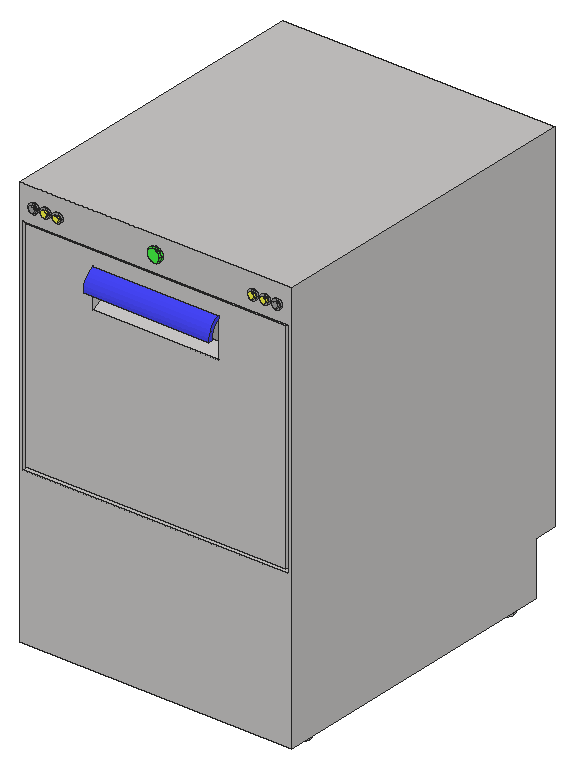
Revit family "QF_ElectroluxProfessional_402288_ES", category Specialty Equipment, Revit 2018
Family settings
  Round Connector Dimension = Use Diameter
  Part Type = Normal
  Work Plane-Based = No
  Always vertical = Yes
  Cut with Voids When Loaded = No
  Shared = No
  Room Calculation Point = No
Parameters (values of type "Standard")
  Weight = 36.50 kg
  Watts = 0 W
  Volts = 220 V
  URL Manufacturer = "http://professional.electrolux.com"
  URL = "http://professional.electrolux.com"
  Steam Supply Size = 0 mm
  Steam Supply Minimum Pressure = 0.0 Pa
  Steam Supply Maximum Pressure = 0.0 Pa
  Steam Pounds per Hour = 0
  Show Logo [instance] = yes
  Show Clearance [instance] = yes
  Refrigeration Suction Line Size = 0 mm
  Refrigeration Liquid Line Size = 0 mm
  Refrigerant Compressor Remote = yes
  Manufacturer = "Electrolux Professional"
  Phase = 1
  Model = "ES"
  Length Actual = 455 mm  # constant formula
  Item Number = "402288"
  Hot Water Size = 0 mm
  Height Actual = 700 mm  # constant formula
  HP = "3.6 HP"
  Gas Size = 0 mm
  Gas KW = 0
  Gas Input Pressure = 0 W
  Direct Waste Size = 29 mm
  Description = "GLASSWASHER(S), SINGLE SKIN, 30B/H"
  Depth Actual = 550 mm  # constant formula
  Cycle = 50 Hz
  Condensate Return Size = 0 mm
  Compressed Air Volume = 0.0 L/s
  Compressed Air Size = 0 mm
  Compressed Air Pressure = 0.0 Pa
  Cold Water Size = 19.05 mm
  Accessory = yes
Types (2, lengths in mm): name | URL | Manufacturer | Phase | Model | Description | Cold Water Size
  (no name) | "http://professional.electrolux.com/" | 0 | 0 | 0 | 0 | 0
  Standard | "http://professional.electrolux.com" | "Electrolux Professional" | 1 | "ES" | "GLASSWASHER(S), SINGLE SKIN, 30B/H" | 19.05
Values of the unnamed type that differ from the named types
  Volts = 0 V
  URL Manufacturer = ""
  Item Number = ""
  Cycle = 0 Hz
Reference planes
  plane 1 "Center (Front/Back)": y = 0
  plane 2: z = 0
  plane 3 "Center (Left/Right)": x = 0
  plane 4 "LEFT": x = -227.5
  plane 5 "RIGHT": x = 227.5
  plane 6 "FRONT": y = -275
  plane 7 "BACK": y = 275
  plane 8: z = 700
  plane 9: z = 10
  plane 10: y = 236
Forms (mm)
  Extrusion 1, solid, material "QF_Finishes_Stainless Steel"
    sketch origin (0, 0, 0) x (1, 0, 0) y (0, 1, 0)
      loop
        line (-227.5, -275) -> (227.5, -275) -> (227.5, 236) -> (-227.5, 236) -> (-227.5, -275)
    from 10 to 700
  Extrusion 2, solid, material "QF_Finishes_Stainless Steel"
    sketch origin (0, 0, 0) x (1, 0, 0) y (0, 1, 0)
      loop
        line (-227.5, 236) -> (227.5, 236) -> (227.5, 275) -> (-227.5, 275) -> (-227.5, 236)
    from 100 to 700
  Extrusion 3, solid, material "QF_Finishes_Stainless Steel"
    sketch origin (0, 0, 0) x (1, 0, 0) y (0, 1, 0)
      loop
        circle (-208, 198) r 12.5
      loop
        circle (208, 198) r 12.5
      loop
        circle (-208, -228) r 12.5
      loop
        circle (208, -228) r 12.5
    from 0 to 10
  Extrusion 4, void
    sketch origin (-227.5, -275, 0) x (-1, 0, 0) y (0, 0, 1)
      loop
        line (-5, 643.217) -> (-450, 643.217) -> (-450, 270) -> (-5, 270) -> (-5, 643.217)
    from 0 to 30
  Extrusion 5, solid, material "QF_Finishes_Stainless Steel"
    sketch origin (-212, -392, 752) x (0, 0, -1) y (1, 0, 0)
      loop
        circle (693, 215.5) r 10
    from -628 to -667
  Extrusion 6, solid, material "QF_Door-Drawer Clearances", visible <- "Show Clearance", detail levels coarse
    sketch origin (-230, -282.5, 0) x (0, 1, 0) y (0, 0, -1)
      loop
        line (7.5, -275) -> (-335.5, -275)
        arc (-335.5, -275) -> (-241.325, -530.164) -> (7.5, -640) r 348.592
        line (7.5, -640) -> (7.5, -275)
    from -11.656 to -447.5
  Extrusion 7, solid, material "QF_Finishes_Stainless Steel"
    sketch origin (-432.481, -392, 722) x (0, 0, -1) y (1, 0, 0)
      loop
        circle (663, 324.981) r 8
    from -628 to -667
  Extrusion 8, solid, material "QF_Finishes_Stainless Steel"
    sketch origin (-230, -282.5, 0) x (0, 1, 0) y (0, 0, -1)
      loop
        line (7.5, -275) -> (7.5, -640) -> (32.5, -640) -> (32.5, -275) -> (7.5, -275)
    from -11.656 to -447.5
  Extrusion 9, solid, material "QF_Finishes_Stainless Steel"
    sketch origin (-268, -392, 682.5) x (0, 0, -1) y (1, 0, 0)
      loop
        circle (663, 230.5) r 8
    from -628 to -667
  Extrusion 10, solid, material "QF_Finishes_Green"
    sketch origin (-230, -275, 0) x (1, 0, 0) y (0, 0, 1)
      loop
        circle (230, 670.819) r 12
      loop
        circle (230, 670.819) r 10
    from 0 to 2.5
  Extrusion 11, void
    sketch origin (-225.452, 209.5, 42.5) x (0, 1, 0) y (0, 0, 1)
      loop
        line (-484.5, 568.217) -> (-484.5, 507.5) -> (-462.849, 520) -> (-484.5, 568.217)
    from 120.452 to 330.452
  Extrusion 12, solid, material "QF_Finishes_Blue"
    sketch origin (-227.5, 236, 0) x (0, -1, 0) y (0, 0, 1)
      loop
        line (511, 615.863) -> (511, 610.513)
        arc (511, 610.513) -> (522.966, 599.801) -> (525.861, 584.005) r 24.803
        line (525.861, 584.005) -> (530.907, 584.005)
        arc (530.907, 584.005) -> (526.605, 603.465) -> (511, 615.863) r 29.803
    from -332.5 to -122.5
  Extrusion 13, solid, material "QF_Finishes_Green"
    sketch origin (234, -275, -28.75) x (-1, 0, 0) y (0, 0, -1)
      loop
        circle (234, -699.569) r 10
    from 0 to 5
  Extrusion 14, solid, material "QF_Finishes_Gray"
    sketch origin (103.327, -275, -30.575) x (-1, 0, 0) y (0, 0, -1)
      loop
        circle (306.936, -698.972) r 5
    from 0 to 5
  Extrusion 15, solid, material "QF_Finishes_Gray"
    sketch origin (79.327, -275, -34.95) x (-1, 0, 0) y (0, 0, -1)
      loop
        circle (262.936, -703.347) r 8
      loop
        circle (262.936, -703.347) r 5
      loop
        circle (242.936, -703.347) r 8
      loop
        circle (242.936, -703.347) r 5
      loop
        circle (282.936, -703.347) r 8
      loop
        circle (282.936, -703.347) r 5
    from 0 to 2.5
  Extrusion 16, solid, material "QF_Finishes_Yellow"
    sketch origin (123.327, -275, -30.575) x (-1, 0, 0) y (0, 0, -1)
      loop
        circle (306.936, -698.972) r 5
    from 0 to 5
  Extrusion 17, solid, material "QF_Finishes_Yellow"
    sketch origin (143.327, -275, -30.575) x (-1, 0, 0) y (0, 0, -1)
      loop
        circle (306.936, -698.972) r 5
    from 0 to 5
  Extrusion 18, solid, material "QF_Finishes_Gray"
    sketch origin (-103.327, -275, -30.575) x (1, 0, 0) y (0, 0, 1)
      loop
        circle (306.936, 698.972) r 5
    from 0 to 5
  Extrusion 19, solid, material "QF_Finishes_Gray"
    sketch origin (-79.327, -275, -34.95) x (1, 0, 0) y (0, 0, 1)
      loop
        circle (262.936, 703.347) r 8
      loop
        circle (262.936, 703.347) r 5
      loop
        circle (242.936, 703.347) r 8
      loop
        circle (242.936, 703.347) r 5
      loop
        circle (282.936, 703.347) r 8
      loop
        circle (282.936, 703.347) r 5
    from 0 to 2.5
  Extrusion 20, solid, material "QF_Finishes_Yellow"
    sketch origin (-123.327, -275, -30.575) x (1, 0, 0) y (0, 0, 1)
      loop
        circle (306.936, 698.972) r 5
    from 0 to 5
  Extrusion 21, solid, material "QF_Finishes_Yellow"
    sketch origin (-143.327, -275, -30.575) x (1, 0, 0) y (0, 0, 1)
      loop
        circle (306.936, 698.972) r 5
    from 0 to 5
  Extrusion 22, solid, material "QF_Finishes_Yellow"
    sketch origin (-143.327, -275, -30.575) x (1, 0, 0) y (0, 0, 1)
      loop
        circle (306.936, 698.972) r 5
    from 0 to 5
Cuts and joins
  Extrusion 4 cuts Extrusion 1
  joined: Extrusion 1, Extrusion 2
  Extrusion 11 cuts Extrusion 8
Lines and regions (mm)
  Split face 1
    outline origin (-227.5, -275, 700) x (0, 0, -1) y (1, 0, 0)
      loop
        line (56.783, 5) -> (56.783, 0)
      loop
        line (56.783, 450) -> (56.783, 455)
      loop
        line (22.034, 455) -> (22.034, 384.297)
        arc (22.034, 384.297) -> (22.64, 381.25) -> (24.366, 378.667) r 7.962
        line (24.366, 378.667) -> (44.289, 358.744)
        arc (44.289, 358.744) -> (46.135, 355.982) -> (46.783, 352.723) r 8.515
        line (46.783, 352.723) -> (46.783, 246.977)
        arc (46.783, 246.977) -> (46.096, 245.319) -> (44.439, 244.633) r 2.344
        line (44.439, 244.633) -> (15.017, 244.633)
        arc (15.017, 244.633) -> (12.73, 243.685) -> (11.783, 241.398) r 3.234
        line (11.783, 241.398) -> (11.783, 227.133) -> (11.783, 212.867)
        arc (11.783, 212.867) -> (12.73, 210.58) -> (15.017, 209.633) r 3.234
        line (15.017, 209.633) -> (44.439, 209.633)
        arc (44.439, 209.633) -> (46.096, 208.946) -> (46.783, 207.289) r 2.344
        line (46.783, 207.289) -> (46.783, 102.277)
        arc (46.783, 102.277) -> (46.135, 99.018) -> (44.289, 96.256) r 8.515
        line (44.289, 96.256) -> (24.366, 76.333)
        arc (24.366, 76.333) -> (22.64, 73.75) -> (22.034, 70.703) r 7.962
        line (22.034, 70.703) -> (22.034, 0)
  symbolic lines
    curve 1: line (-227.5, 275, 0) -> (227.5, 275, 0)
    curve 2: line (-227.5, -275, 0) -> (-227.5, 275, 0)
    curve 3: line (227.5, -275, 0) -> (-227.5, -275, 0)
    curve 4: line (227.5, 275, 0) -> (227.5, -275, 0)
    curve 8: line (-12, -277.5, 0) -> (12, -277.5, 0)
    curve 9: line (12, -277.5, 0) -> (12, -275, 0)
    curve 10: line (-12, -277.5, 0) -> (-12, -275, 0)
    curve 11: line (-10, -280, 0) -> (10, -280, 0)
    curve 12: line (10, -280, 0) -> (10, -277.5, 0)
    curve 13: line (-10, -280, 0) -> (-10, -277.5, 0)
    curve 16: line (-211.6, -277.5, 0) -> (-211.6, -275, 0)
    curve 17: line (-195.609, -277.5, 0) -> (-195.609, -275, 0)
    curve 18: line (-208.587, -280, 0) -> (-198.596, -280, 0)
    curve 19: line (-198.596, -280, 0) -> (-198.596, -277.5, 0)
    curve 20: line (-208.587, -280, 0) -> (-208.587, -277.5, 0)
    curve 21: line (-191.596, -277.5, 0) -> (-175.596, -277.5, 0)
    curve 22: line (-175.596, -277.5, 0) -> (-175.596, -275, 0)
    curve 23: line (-191.596, -277.5, 0) -> (-191.596, -275, 0)
    curve 24: line (-188.596, -280, 0) -> (-178.596, -280, 0)
    curve 25: line (-178.596, -280, 0) -> (-178.596, -277.5, 0)
    curve 26: line (-188.596, -280, 0) -> (-188.596, -277.5, 0)
    curve 27: line (-171.596, -277.5, 0) -> (-155.596, -277.5, 0)
    curve 28: line (-155.596, -277.5, 0) -> (-155.596, -275, 0)
    curve 29: line (-171.596, -277.5, 0) -> (-171.596, -275, 0)
    curve 30: line (-168.596, -280, 0) -> (-158.596, -280, 0)
    curve 31: line (-158.596, -280, 0) -> (-158.596, -277.5, 0)
    curve 32: line (-168.596, -280, 0) -> (-168.596, -277.5, 0)
    curve 33: line (175.609, -277.5, 0) -> (191.609, -277.5, 0)
    curve 34: line (191.609, -277.5, 0) -> (191.609, -275, 0)
    curve 35: line (178.609, -280, 0) -> (188.609, -280, 0)
    curve 36: line (188.609, -280, 0) -> (188.609, -277.5, 0)
    curve 37: line (178.609, -280, 0) -> (178.609, -277.5, 0)
    curve 38: line (175.609, -277.5, 0) -> (175.609, -275, 0)
    curve 39: line (195.609, -277.5, 0) -> (211.609, -277.5, 0)
    curve 40: line (211.609, -277.5, 0) -> (211.609, -275, 0)
    curve 41: line (198.609, -280, 0) -> (208.609, -280, 0)
    curve 42: line (208.609, -280, 0) -> (208.609, -277.5, 0)
    curve 43: line (198.609, -280, 0) -> (198.609, -277.5, 0)
    curve 44: line (195.609, -277.5, 0) -> (195.609, -275, 0)
    curve 45: line (-112.5, -275, 0) -> (-112.5, -295.134, 0)
    curve 46: line (112.5, -275, 0) -> (112.5, -295.134, 0)
    curve 47: line (112.5, -295.134, 0) -> (-112.5, -295.134, 0)
    curve 48: line (155.609, -277.5, 0) -> (171.609, -277.5, 0)
    curve 49: line (171.609, -277.5, 0) -> (171.609, -275, 0)
    curve 50: line (158.609, -280, 0) -> (168.609, -280, 0)
    curve 51: line (168.609, -280, 0) -> (168.609, -277.5, 0)
    curve 52: line (158.609, -280, 0) -> (158.609, -277.5, 0)
    curve 53: line (155.609, -277.5, 0) -> (155.609, -275, 0)
  symbolic lines, style "QF_Door-Drawer Clearances"
    curve 5: line (-217.5, -618, 0) -> (217.5, -618, 0)
    curve 6: line (217.5, -618, 0) -> (217.5, -275, 0)
    curve 7: line (-217.5, -618, 0) -> (-217.5, -275, 0)
  symbolic lines, style "SpecialityEquipmentHiddenLines"
    curve 14: line (-227.5, 236, 0) -> (227.5, 236, 0)
  symbolic lines, style "SpecialityEquipment"
    curve 15: line (-211.6, -277.5, 0) -> (-195.609, -277.5, 0)
Dimensions and locks
  equal spacing: plane 4 "LEFT", plane 3 "Center (Left/Right)", plane 5 "RIGHT"
  equal spacing: plane 7 "BACK", plane 1 "Center (Front/Back)", plane 6 "FRONT"
  plane 7 "BACK" to plane 6 "FRONT" = 550 mm
  plane 4 "LEFT" to plane 5 "RIGHT" = 455 mm
  locked: plane 9 to level at 10
  plane 4 "LEFT" to plane 3 "Center (Left/Right)" = 227.5 mm
  plane 8 to level = 700 mm  (x2)
  level to Extrusion 9 sketch curve = 19.5 mm
  Extrusion 9 sketch curve to plane 4 "LEFT" = 190 mm
  level to Extrusion 5 sketch curve = 59 mm
  Extrusion 5 sketch curve to plane 4 "LEFT" = 231 mm
  Extrusion 7 sketch curve to plane 4 "LEFT" = 120 mm
  level to Extrusion 7 sketch curve = 59 mm
  Extrusion 3 to cut or joined group of Extrusion 1, Extrusion 2, Extrusion 4 = 77 mm
  Extrusion 3 to Extrusion 3 = 426 mm
  plane 6 "FRONT" to Extrusion 3 = 47 mm
  plane 1 "Center (Front/Back)" to plane 6 "FRONT" = 275 mm
  locked: plane 7 "BACK" to plane 10 at 39
  plane 6 "FRONT" to curve 5 = 343 mm
  Extrusion 8 to cut or joined group of Extrusion 1, Extrusion 2, Extrusion 4 = 370 mm
  aligned and locked: level to plane 2
  aligned and locked: Extrusion 1 sketch curve to plane 6 "FRONT"
  aligned and locked: Extrusion 1 sketch curve to plane 4 "LEFT"
  aligned and locked: plane 5 "RIGHT" to Extrusion 1 sketch curve
  aligned and locked: Extrusion 1 to plane 9
  aligned and locked: Extrusion 2 sketch curve to Extrusion 1
  aligned and locked: plane 7 "BACK" to Extrusion 2 sketch curve
  aligned and locked: plane 5 "RIGHT" to Extrusion 2 sketch curve
  aligned and locked: plane 9 to Extrusion 3
  aligned and locked: cut or joined group of Extrusion 1, Extrusion 2, Extrusion 4 to plane 10
Automatic sketch dimensions
  curve 1 to plane 4 "LEFT" = 0 mm
  curve 7 to plane 6 "FRONT" = 0 mm
  curve 4 to plane 5 "RIGHT" = 0 mm
  curve 14 to plane 10 = 0 mm
  curve 2 to plane 7 "BACK" = 0 mm
  plane 4 "LEFT" to curve 5 = 10 mm
  curve 15 to plane 6 "FRONT" = 2.5 mm
  curve 7 to curve 15 = 5.9 mm
  curve 15 to curve 20 = 3.013 mm
  curve 18 to curve 19 = 9.991 mm
  curve 19 to curve 17 = 2.987 mm
  curve 15 to curve 23 = 4.013 mm
  curve 21 to curve 24 = 3 mm
  curve 25 to plane 6 "FRONT" = 5 mm
  curve 24 to curve 25 = 10 mm
  curve 25 to curve 22 = 3 mm
  curve 21 to curve 27 = 4 mm
  curve 27 to curve 30 = 3 mm
  curve 31 to plane 6 "FRONT" = 5 mm
  curve 30 to curve 31 = 10 mm
  curve 31 to curve 27 = 3 mm
  curve 45 to plane 6 "FRONT" = 20.134 mm
  curve 27 to curve 45 = 43.096 mm
  curve 8 to plane 6 "FRONT" = 2.5 mm
  curve 8 to plane 3 "Center (Left/Right)" = 12 mm
  curve 8 to curve 11 = 2 mm
  plane 3 "Center (Left/Right)" to curve 11 = 10 mm
  curve 12 to curve 8 = 2 mm
  curve 8 to curve 47 = 100.5 mm
  curve 53 to plane 6 "FRONT" = 2.5 mm
  curve 46 to curve 53 = 43.109 mm
  curve 48 to curve 52 = 3 mm
  curve 51 to plane 6 "FRONT" = 5 mm
  curve 50 to curve 51 = 10 mm
  curve 51 to curve 48 = 3 mm
  curve 48 to curve 38 = 4 mm
  curve 33 to curve 37 = 3 mm
  curve 35 to plane 6 "FRONT" = 5 mm
  curve 35 to curve 35 = 10 mm
  curve 36 to curve 34 = 3 mm
  curve 33 to curve 44 = 4 mm
  curve 39 to curve 41 = 3 mm
  curve 41 to plane 6 "FRONT" = 5 mm
  curve 41 to curve 41 = 10 mm
  curve 42 to curve 40 = 3 mm
  curve 6 to plane 5 "RIGHT" = 10 mm
  curve 11 to curve 13 = 2.5 mm
  curve 20 to curve 20 = 2.5 mm
  curve 21 to plane 6 "FRONT" = 2.5 mm
  curve 27 to plane 6 "FRONT" = 2.5 mm
  curve 44 to plane 6 "FRONT" = 2.5 mm
  curve 33 to plane 6 "FRONT" = 2.5 mm
  Extrusion 1 sketch curve to plane 10 = 0 mm
  Extrusion 2 sketch curve to plane 10 = 0 mm
  plane 4 "LEFT" to Extrusion 3 sketch curve = 19.5 mm  (x2)
  Extrusion 3 sketch curve to plane 5 "RIGHT" = 19.5 mm  (x2)
  plane 6 "FRONT" to Extrusion 3 sketch curve = 47 mm  (x2)
  Extrusion 3 sketch curve to plane 10 = 38 mm  (x2)
  Extrusion 4 sketch curve to Extrusion 1 = 5 mm  (x2)
  Extrusion 4 sketch curve to Extrusion 1 = 260 mm
  Extrusion 4 sketch curve to Extrusion 1 = 56.783 mm
  Extrusion 6 sketch curve to plane 6 "FRONT" = 0 mm
  Extrusion 6 sketch curve to plane 6 "FRONT" = 343 mm
  plane 6 "FRONT" to Extrusion 6 sketch curve = 5.204 mm
  Extrusion 6 sketch curve to plane 8 = 60 mm
  level to Extrusion 6 sketch curve = 291.447 mm
  Extrusion 8 sketch curve to plane 6 "FRONT" = 0 mm
  Extrusion 8 sketch curve to Extrusion 8 sketch curve = 25 mm
  Extrusion 8 sketch curve to plane 8 = 60 mm
  plane 9 to Extrusion 8 sketch curve = 265 mm
  Extrusion 10 sketch curve to Extrusion 10 sketch curve = 0 mm  (x2)
  Extrusion 1 to Extrusion 10 sketch curve = 29.181 mm
  Extrusion 1 to Extrusion 10 sketch curve = 227.5 mm
  Extrusion 11 sketch curve to plane 6 "FRONT" = 0 mm
  plane 6 "FRONT" to Extrusion 11 sketch curve = 21.651 mm
  Extrusion 11 sketch curve to plane 8 = 150 mm
  Extrusion 11 sketch curve to Extrusion 11 sketch curve = 12.5 mm
  Extrusion 11 sketch curve to Extrusion 11 sketch curve = 48.217 mm
  Extrusion 12 sketch curve to Extrusion 12 sketch curve = 0 mm  (x2)
  Extrusion 12 sketch curve to Extrusion 1 = 0 mm
  Extrusion 12 sketch curve to Extrusion 1 = 9.669 mm
  Extrusion 1 to Extrusion 12 sketch curve = 14.861 mm
  Extrusion 12 sketch curve to Extrusion 12 sketch curve = 5.046 mm
  Extrusion 1 to Extrusion 12 sketch curve = 115.995 mm
  Extrusion 12 sketch curve to Extrusion 12 sketch curve = 3.668 mm
  cut or joined group of Extrusion 1, Extrusion 2, Extrusion 4 to Split face 1 sketch curve = 0 mm  (x2)
  Split face 1 sketch curve to cut or joined group of Extrusion 1, Extrusion 2, Extrusion 4 = 0 mm  (x6)
  cut or joined group of Extrusion 1, Extrusion 2, Extrusion 4 to Split face 1 sketch curve = 10 mm  (x2)
  Split face 1 sketch curve to Split face 1 sketch curve = 2.344 mm  (x2)
  Split face 1 sketch curve to Split face 1 sketch curve = 2.494 mm  (x2)
  Split face 1 sketch curve to Split face 1 sketch curve = 8.515 mm  (x2)
  cut or joined group of Extrusion 1, Extrusion 2, Extrusion 4 to Split face 1 sketch curve = 26.786 mm  (x2)
  Split face 1 sketch curve to Split face 1 sketch curve = 5.63 mm  (x2)
  Split face 1 sketch curve to Split face 1 sketch curve = 2.332 mm  (x2)
  Split face 1 sketch curve to cut or joined group of Extrusion 1, Extrusion 2, Extrusion 4 = 15.017 mm  (x2)
  Split face 1 sketch curve to cut or joined group of Extrusion 1, Extrusion 2, Extrusion 4 = 11.783 mm
  Split face 1 sketch curve to cut or joined group of Extrusion 1, Extrusion 2, Extrusion 4 = 65.703 mm
  Split face 1 sketch curve to Split face 1 sketch curve = 19.923 mm  (x2)
  Split face 1 sketch curve to Split face 1 sketch curve = 105.012 mm
  Split face 1 sketch curve to Split face 1 sketch curve = 14.266 mm  (x2)
  Split face 1 sketch curve to cut or joined group of Extrusion 1, Extrusion 2, Extrusion 4 = 97.277 mm
  Extrusion 13 sketch curve to Extrusion 13 sketch curve = 0 mm  (x2)
  Extrusion 13 sketch curve to plane 3 "Center (Left/Right)" = 0 mm
  Extrusion 13 sketch curve to plane 8 = 29.181 mm
  plane 3 "Center (Left/Right)" to Extrusion 13 sketch curve = 10 mm
  Extrusion 14 sketch curve to Extrusion 14 sketch curve = 0 mm  (x2)
  plane 4 "LEFT" to Extrusion 14 sketch curve = 23.891 mm
  Extrusion 14 sketch curve to plane 8 = 31.603 mm
  Extrusion 14 sketch curve to Extrusion 14 sketch curve = 5 mm
  Extrusion 15 sketch curve to Extrusion 15 sketch curve = 0 mm  (x8)
  Extrusion 15 sketch curve to plane 8 = 31.603 mm
  plane 4 "LEFT" to Extrusion 15 sketch curve = 63.891 mm
  Extrusion 15 sketch curve to Extrusion 15 sketch curve = 20 mm  (x2)
  Extrusion 16 sketch curve to Extrusion 16 sketch curve = 0 mm  (x2)
  plane 4 "LEFT" to Extrusion 16 sketch curve = 43.891 mm
  Extrusion 16 sketch curve to plane 8 = 31.603 mm
  Extrusion 16 sketch curve to Extrusion 16 sketch curve = 5 mm
  Extrusion 17 sketch curve to Extrusion 17 sketch curve = 0 mm  (x2)
  Extrusion 17 sketch curve to plane 8 = 31.603 mm
  plane 4 "LEFT" to Extrusion 17 sketch curve = 63.891 mm
  Extrusion 17 sketch curve to Extrusion 17 sketch curve = 5 mm
  Extrusion 18 sketch curve to Extrusion 18 sketch curve = 0 mm  (x2)
  Extrusion 18 sketch curve to plane 5 "RIGHT" = 23.891 mm
  Extrusion 18 sketch curve to plane 8 = 31.603 mm
  Extrusion 18 sketch curve to Extrusion 18 sketch curve = 5 mm
  Extrusion 19 sketch curve to Extrusion 19 sketch curve = 0 mm  (x8)
  Extrusion 19 sketch curve to plane 8 = 31.603 mm
  Extrusion 19 sketch curve to plane 5 "RIGHT" = 63.891 mm
  Extrusion 19 sketch curve to Extrusion 19 sketch curve = 20 mm  (x2)
  Extrusion 20 sketch curve to Extrusion 20 sketch curve = 0 mm  (x2)
  Extrusion 20 sketch curve to plane 5 "RIGHT" = 43.891 mm
  Extrusion 20 sketch curve to plane 8 = 31.603 mm
  Extrusion 20 sketch curve to Extrusion 20 sketch curve = 5 mm
  Extrusion 21 sketch curve to Extrusion 21 sketch curve = 0 mm  (x2)
  Extrusion 21 sketch curve to plane 8 = 31.603 mm
  Extrusion 21 sketch curve to plane 5 "RIGHT" = 63.891 mm
  Extrusion 21 sketch curve to Extrusion 21 sketch curve = 5 mm
  Extrusion 22 sketch curve to Extrusion 22 sketch curve = 0 mm  (x2)
  Extrusion 22 sketch curve to plane 8 = 31.603 mm
  Extrusion 22 sketch curve to plane 5 "RIGHT" = 63.891 mm
  Extrusion 22 sketch curve to Extrusion 22 sketch curve = 5 mm
  radius of Extrusion 3 sketch curve = 12.5 mm  (x4)
  radius of Extrusion 5 sketch curve = 10 mm
  radius of Extrusion 7 sketch curve = 8 mm
  radius of Extrusion 9 sketch curve = 8 mm
  radius of Extrusion 10 sketch curve = 12 mm
  radius of Extrusion 10 sketch curve = 10 mm
  radius of Extrusion 15 sketch curve = 8 mm  (x3)
  radius of Extrusion 15 sketch curve = 5 mm  (x3)
  radius of Extrusion 19 sketch curve = 8 mm  (x3)
  radius of Extrusion 19 sketch curve = 5 mm  (x3)
Connectors
  piping at (3.5, 275, 59), diameter 20
    settings: on Extrusion 5, index 1, connector inside diameter 609.6 mm, connector length 0 mm, flow factor 0, pipe flow 0.0 L/s, pressure drop 0.0 Pa, fitting loss kfactor 0, connector angle 0.00°, fixture units 0, engagement length 0 mm, angle of deflection 0.00°, flow configuration 1, flow direction 1, fitting loss method 0, system type 16, joint type 0, gender type 0, connector reference index -1, connector utility 0, adjustable connector no, is connector primary yes, connector description "Drain"
  piping at (-107.5, 275, 59), diameter 19.05, driven by "Cold Water Size"
    settings: on Extrusion 7, index 3, connector inside diameter 609.6 mm, connector length 0 mm, flow factor 0, pipe flow 0.0 L/s, pressure drop 0.0 Pa, fitting loss kfactor 0, connector angle 0.00°, fixture units 0, engagement length 0 mm, angle of deflection 0.00°, flow configuration 1, flow direction 1, fitting loss method 0, system type 20, joint type 0, gender type 0, connector reference index -1, connector utility 0, adjustable connector no, is connector primary no, connector description "Cold Water Inlet"
  electrical at (-37.5, 275, 19.5), driven by "Volts"
    settings: on Extrusion 9, index 4, voltage 220 V, apparent load 0 VA, apparent load phase1 0 VA, apparent load phase2 0 VA, apparent load phase3 0 VA, power factor 1, load classification "Altro", number of poles 1, system type 31, power factor state 1, is connector primary yes, connector utility no, sub classification motor no, connector description "Electrical Connection"
